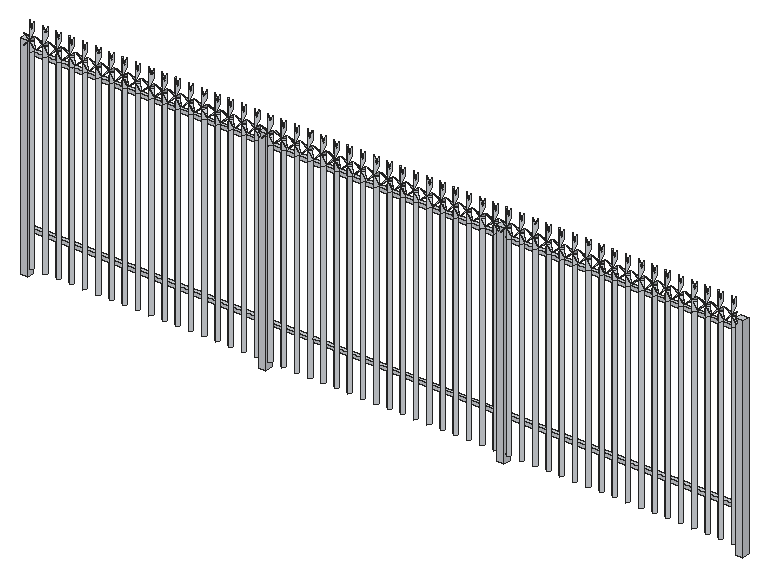
Revit family "Забор Теган-2700х2500", category Ограждение, Revit 2017
Family settings
  Номер OmniClass = 23.25.30.11.14.11
  Заголовок OmniClass = Columns
  Всегда вертикально = Да
  При загрузке вырезать с полостями = Нет
  Общий = Нет
Parameters (values of type "2700x2500")
  Производитель = "ООО \"Теган\""
  Левый_столб [instance] = yes
  Количество_секций [instance] = 3
  Глубина = 80 mm
  Ширина = 80 mm
Reference planes
  plane 1 "По центру (Вперед/Назад)": y = 0
  plane 2: z = 0
  plane 3 "По центру (Влево/Вправо)": x = 0
  plane 4 "Слева": x = -40
  plane 5 "Справа": x = 40
  plane 6 "Назад": y = 40
  plane 7 "Спереди": y = -40
Forms (mm)
  Extrusion 1, solid, visible <- "Левый_столб"
    sketch origin (0, 0, 0) x (1, 0, 0) y (0, 1, 0)
      loop
        line (-40, -40) -> (40, -40) -> (40, 40) -> (-40, 40) -> (-40, -40)
    from 0 to 2400
Dimensions and locks
  equal spacing: plane 4 "Слева", plane 3 "По центру (Влево/Вправо)", plane 5 "Справа"
  equal spacing: plane 7 "Спереди", plane 1 "По центру (Вперед/Назад)", plane 6 "Назад"
  "Ширина": plane 4 "Слева" to plane 5 "Справа"
  "Глубина": plane 7 "Спереди" to plane 6 "Назад"
  equal spacing: group 1, group 2, group 3  (x3)
  aligned and locked: level to plane 2
  aligned and locked: plane 7 "Спереди" to Extrusion 1 sketch curve
Automatic sketch dimensions
  Extrusion 1 sketch curve to plane 4 "Слева" = 0 mm
  Extrusion 1 sketch curve to plane 5 "Справа" = 0 mm
  plane 6 "Назад" to Extrusion 1 sketch curve = 0 mm
Nested families
  nested 1: "Секция Теган-2700х2500" at (0, 0, 0), type "2700x2500"
    with Правый_столб yes, Левый_столб no
  nested 2: "Секция Теган-2700х2500" at (2700, 0, 0), type "2700x2500"
    with Правый_столб yes, Левый_столб no
  nested 3: "Секция Теган-2700х2500" at (5400, 0, 0), type "2700x2500"
    with Правый_столб yes, Левый_столб no
Definition of nested family "Секция Теган-2700х2500"
  Parameters (values of type "2700x2500")
    Правый_столб [instance] = yes
    Отметка_перекладины = Длина_стоек - 200 mm  # 2300 mm
    Левый_столб [instance] = no
    Количество_стоек = (Длина секции - 75 mm) / 150 mm  # 18
    Зазор = 100 mm
    Длина секции = 2700 mm
    Длина поперечины = 2 * 40 mm - Длина секции  # -2620 mm
    Глубина = 80 mm
    Ширина = 80 mm
    Длина_стоек = 2500 mm
    Высота_столба = Длина_стоек - 100 mm  # 2400 mm
    Высота_забора = Длина_стоек + 100 mm  # 2600 mm
  Types (2, lengths in mm): name | Отметка_перекладины | Длина_стоек | Высота_столба | Высота_забора
    2700x2000 | 1800 | 2000 | 1900 | 2100
    2700x2500 | 2300 | 2500 | 2400 | 2600
  Reference planes
    plane 1 "По центру (Вперед/Назад)": y = 0
    plane 2: z = 0
    plane 3 "По центру (Влево/Вправо)": x = 0
    plane 4 "Слева": x = -40
    plane 5 "Справа": x = 40
    plane 6 "Назад": y = 40
    plane 7 "Спереди": y = -40
    plane 8: x = 2700
    plane 9 "Поперечина нижняя": z = 500
    plane 10: z = 2300
    plane 11: x = 75
    plane 12: z = 100
  Forms (mm)
    Extrusion 1, solid, visible <- "Левый_столб"
      sketch origin (0, 0, 0) x (1, 0, 0) y (0, 1, 0)
        loop
          line (-40, -40) -> (40, -40) -> (40, 40) -> (-40, 40) -> (-40, -40)
      from 0 to 2400 <- "Высота_столба"
    Extrusion 2, solid
      sketch origin (40, 0, 0) x (0, -1, 0) y (0, 0, 1)
        loop
          line (-20, 500) -> (-20, 497.5) -> (17.5, 497.5) -> (17.5, 460) -> (20, 460) -> (20, 500) -> (-20, 500)
      from 0 to -2620 <- "Длина поперечины"
    Extrusion 3, solid
      sketch origin (40, 0, 800) x (0, -1, 0) y (0, 0, 1)
        loop
          line (-20, 1500) -> (-20, 1497.5) -> (17.5, 1497.5) -> (17.5, 1460) -> (20, 1460) -> (20, 1500) -> (-20, 1500)
      from 0 to -2620 <- "Длина поперечины"
  Dimensions and locks
    equal spacing: plane 4 "Слева", plane 3 "По центру (Влево/Вправо)", plane 5 "Справа"
    equal spacing: plane 7 "Спереди", plane 1 "По центру (Вперед/Назад)", plane 6 "Назад"
    "Ширина": plane 4 "Слева" to plane 5 "Справа"
    "Глубина": plane 7 "Спереди" to plane 6 "Назад"
    "Длина секции": plane 8 to plane 3 "По центру (Влево/Вправо)"
    plane 2 to plane 9 "Поперечина нижняя" = 500 mm
    "Отметка_перекладины": plane 10 to level
    "Зазор": plane 12 to level
    aligned and locked: level to plane 2
    aligned and locked: plane 7 "Спереди" to Extrusion 1 sketch curve
    aligned and locked: plane 8 to nested 1
  Automatic sketch dimensions
    Extrusion 1 sketch curve to plane 4 "Слева" = 0 mm
    Extrusion 1 sketch curve to plane 5 "Справа" = 0 mm
    plane 6 "Назад" to Extrusion 1 sketch curve = 0 mm
    Extrusion 2 sketch curve to plane 9 "Поперечина нижняя" = 0 mm
    Extrusion 2 sketch curve to plane 1 "По центру (Вперед/Назад)" = 20 mm
    plane 1 "По центру (Вперед/Назад)" to Extrusion 2 sketch curve = 17.5 mm
    Extrusion 2 sketch curve to Extrusion 2 sketch curve = 2.5 mm
    Extrusion 2 sketch curve to plane 9 "Поперечина нижняя" = 2.5 mm
    Extrusion 2 sketch curve to Extrusion 2 sketch curve = 37.5 mm
    Extrusion 3 sketch curve to plane 10 = 0 mm
    plane 1 "По центру (Вперед/Назад)" to Extrusion 3 sketch curve = 17.5 mm
    Extrusion 3 sketch curve to Extrusion 3 sketch curve = 2.5 mm
    Extrusion 3 sketch curve to Extrusion 3 sketch curve = 37.5 mm
    Extrusion 3 sketch curve to plane 10 = 2.5 mm
    Extrusion 3 sketch curve to plane 1 "По центру (Вперед/Назад)" = 20 mm
  Nested families
    nested 1: "Стойка забора" at (2700, 0, 0), visible <- "Правый_столб", type "Столб забора"
      with Высота_стоек 2400 mm
    nested 2: "Стойка вертикальная" at (75, -20, 0), type "2,5 м"
    nested 3: "Стойка вертикальная" at (225, -20, 0), type "2,5 м"
    nested 4: "Стойка вертикальная" at (375, -20, 0), type "2,5 м"
    nested 5: "Стойка вертикальная" at (525, -20, 0), type "2,5 м"
    nested 6: "Стойка вертикальная" at (675, -20, 0), type "2,5 м"
    nested 7: "Стойка вертикальная" at (825, -20, 0), type "2,5 м"
    nested 8: "Стойка вертикальная" at (975, -20, 0), type "2,5 м"
    nested 9: "Стойка вертикальная" at (1125, -20, 0), type "2,5 м"
    nested 10: "Стойка вертикальная" at (1275, -20, 0), type "2,5 м"
    nested 11: "Стойка вертикальная" at (1425, -20, 0), type "2,5 м"
    nested 12: "Стойка вертикальная" at (1575, -20, 0), type "2,5 м"
    nested 13: "Стойка вертикальная" at (1725, -20, 0), type "2,5 м"
    nested 14: "Стойка вертикальная" at (1875, -20, 0), type "2,5 м"
    nested 15: "Стойка вертикальная" at (2025, -20, 0), type "2,5 м"
    nested 16: "Стойка вертикальная" at (2175, -20, 0), type "2,5 м"
    nested 17: "Стойка вертикальная" at (2325, -20, 0), type "2,5 м"
    nested 18: "Стойка вертикальная" at (2475, -20, 0), type "2,5 м"
    nested 19: "Стойка вертикальная" at (2625, -20, 0), type "2,5 м"
  Definition of nested family "Стойка забора"
    Parameters (values of type "Стойка забора")
      Глубина = 80 mm
      Ширина = 80 mm
      Высота_стоек = 1800 mm
    Reference planes
      plane 1 "По центру (Вперед/Назад)": y = 0
      plane 2: z = 0
      plane 3 "По центру (Влево/Вправо)": x = 0
      plane 4 "Слева": x = -40
      plane 5 "Справа": x = 40
      plane 6 "Назад": y = 40
      plane 7 "Спереди": y = -40
    Forms (mm)
      Extrusion 1, solid
        sketch origin (0, 0, 0) x (1, 0, 0) y (0, 1, 0)
          loop
            line (-40, -40) -> (40, -40) -> (40, 40) -> (-40, 40) -> (-40, -40)
        from 0 to 1800 <- "Высота_стоек"
    Dimensions and locks
      equal spacing: plane 4 "Слева", plane 3 "По центру (Влево/Вправо)", plane 5 "Справа"
      equal spacing: plane 7 "Спереди", plane 1 "По центру (Вперед/Назад)", plane 6 "Назад"
      "Ширина": plane 4 "Слева" to plane 5 "Справа"
      "Глубина": plane 7 "Спереди" to plane 6 "Назад"
      aligned and locked: level to plane 2
      aligned and locked: plane 7 "Спереди" to Extrusion 1 sketch curve
    Automatic sketch dimensions
      Extrusion 1 sketch curve to plane 4 "Слева" = 0 mm
      plane 5 "Справа" to Extrusion 1 sketch curve = 0 mm
      plane 6 "Назад" to Extrusion 1 sketch curve = 0 mm
  Definition of nested family "Стойка вертикальная"
    Parameters (values of type "2,5 м")
      Длина- = Длина стойки вертикальной - 300 mm  # 2300 mm
      Длина стойки вертикальной = 2600 mm
    Types (5, lengths in mm): name | Длина- | Длина стойки вертикальной
      2,0 м | 1800 | 2100
      2,5 м | 2300 | 2600
      3,0 м | 2800 | 3100
      0,67 м | 470 | 770
      Стойка вертикальная | 1800 | 2100
    Reference planes
      plane 1 "По центру (Вперед/Назад)": y = 0
      plane 2: z = 0
      plane 3 "По центру (Влево/Вправо)": x = 0
      plane 4: z = 2300
    Forms (mm)
      Extrusion 1, solid
        sketch origin (-73.001, 0, 0) x (1, 0, 0) y (0, 1, 0)
          loop
            line (73.001, -25.456) -> (47.545, 0) -> (46.131, -1.414) -> (73.001, -28.284) -> (99.871, -1.414) -> (98.457, 0) -> (73.001, -25.456)
        from 0 to 2300 <- "Длина-"
      Extrusion 2, solid, not visible
        sketch origin (1.999, 0, 0) x (1, 0, 0) y (0, 1, 0)
          loop
            line (73.001, -25.456) -> (47.545, 0) -> (46.131, -1.414) -> (73.001, -28.284) -> (73.001, -25.456)
        from 630 to 930
      Extrusion 3, void, not visible
        sketch origin (48.13, -1.414, 0) x (0.707107, -0.707107, 0) y (0, 0, 1)
          loop
            line (36, 755) -> (-4, 840.78) -> (-4, 755) -> (36, 755)
          loop
            line (0, 930) -> (18, 862.823) -> (36, 930) -> (0, 930)
          loop
            line (36, 739.666) -> (-4, 739.666) -> (-4, 653.886) -> (36, 739.666)
        from -4.106 to 6.753
      Extrusion 4, solid, not visible
        sketch origin (49.544, 0, 25) x (-0.707107, -0.707107, 0) y (0, 0, 1)
          loop
            line (0, 730) -> (1.385, 728.615) -> (54.418, 781.648) -> (53.033, 783.033) -> (0, 730)
        from -36 to 0
      Extrusion 5, void, not visible
        sketch origin (49.544, 0, 755) x (-0.5, -0.5, 0.707107) y (0.707107, -0.707107, 0)
          loop
            line (75, 0) -> (76.432, 43.261) -> (0, 36) -> (75, 0)
        from -6.189 to 1.489
      Extrusion 6, solid, not visible
        sketch origin (49.544, 0, 1469.666) x (-0.707107, -0.707107, 0) y (0, 0, 1)
          loop
            line (0, -730) -> (53.033, -783.033) -> (54.418, -781.648) -> (1.385, -728.615) -> (0, -730)
        from -36 to 0
      Extrusion 7, void, not visible
        sketch origin (49.544, 0, 739.666) x (-0.5, -0.5, -0.707107) y (-0.707107, 0.707107, 0)
          loop
            line (75, 0) -> (0, -36) -> (76.432, -43.261) -> (75, 0)
        from -6.189 to 1.489
      Extrusion 8, solid, not visible
        sketch origin (148.001, 0, 0) x (-1, 0, 0) y (0, -1, 0)
          loop
            line (73.001, 25.456) -> (73.001, 28.284) -> (46.131, 1.414) -> (47.545, 0) -> (73.001, 25.456)
        from 630 to 930
      Extrusion 9, void, not visible
        sketch origin (101.87, -1.414, 0) x (-0.707107, -0.707107, 0) y (0, 0, -1)
          loop
            line (0, -930) -> (36, -930) -> (18, -862.823) -> (0, -930)
          loop
            line (36, -755) -> (-4, -755) -> (-4, -840.78) -> (36, -755)
          loop
            line (0, -664.464) -> (0, -739.666) -> (35.067, -739.666) -> (0, -664.464)
        from -2 to 0
      Extrusion 10, solid, not visible
        sketch origin (100.456, 0, 25) x (0.707107, -0.707107, 0) y (0, 0, -1)
          loop
            line (0, -730) -> (53.033, -783.033) -> (54.418, -781.648) -> (1.385, -728.615) -> (0, -730)
        from -36 to 0
      Extrusion 11, void, not visible
        sketch origin (100.456, 0, 755) x (0.5, -0.5, 0.707107) y (0.707107, 0.707107, 0)
          loop
            line (75, 0) -> (0, -36) -> (76.432, -43.261) -> (75, 0)
        from -6.189 to 1.489
      Extrusion 12, solid, not visible
        sketch origin (100.456, 0, 1469.666) x (0.707107, -0.707107, 0) y (0, 0, -1)
          loop
            line (0, 730) -> (1.385, 728.615) -> (54.418, 781.648) -> (53.033, 783.033) -> (0, 730)
        from -36 to 0
      Extrusion 13, void, not visible
        sketch origin (100.456, 0, 739.666) x (0.5, -0.5, -0.707107) y (-0.707107, -0.707107, 0)
          loop
            line (75, 0) -> (76.432, 43.261) -> (0, 36) -> (75, 0)
        from -6.189 to 1.489
      Extrusion 14, solid
        sketch origin (26.87, -1.414, 1670) x (-0.707107, -0.707107, 0) y (0, 0, -1)
          loop
            line (36, -930) -> (38, -930) -> (38, -630) -> (0, -630) -> (0, -664.464) -> (35.067, -739.666) -> (0, -739.666) -> (0, -755) -> (36, -755) -> (0, -832.202) -> (0, -930) -> (18, -862.823) -> (36, -930)
        from -2 to 0
      Extrusion 15, void
        sketch origin (26.87, -1.414, 2600) x (0.707107, -0.707107, 0) y (-0.707107, -0.707107, 0)
          loop
            line (0, 38) -> (-2, 38) -> (-2, 36) -> (0, 38)
        from 0 to 300
      Extrusion 16, solid
        sketch origin (25.456, 0, 2425) x (0.5, -0.5, 0.707107) y (0.707107, 0.707107, 0)
          loop
            line (75, 0) -> (0, 0) -> (0, -36) -> (75, 0)
        from -1.959 to 0
      Extrusion 17, solid
        sketch origin (25.456, 0, 2409.666) x (0.5, -0.5, -0.707107) y (-0.707107, -0.707107, 0)
          loop
            line (75, 0) -> (0, 36) -> (0, 0) -> (75, 0)
        from -1.959 to 0
      Extrusion 18, solid
        sketch origin (-26.87, -1.414, 1670) x (0.707107, -0.707107, 0) y (0, 0, 1)
          loop
            line (36, 930) -> (18, 862.823) -> (0, 930) -> (0, 832.202) -> (36, 755) -> (0, 755) -> (0, 739.666) -> (35.067, 739.666) -> (0, 664.464) -> (0, 630) -> (38, 630) -> (38, 930) -> (36, 930)
        from -2 to 0
      Extrusion 19, solid
        sketch origin (-25.456, 0, 2425) x (-0.5, -0.5, 0.707107) y (0.707107, -0.707107, 0)
          loop
            line (75, 0) -> (0, 36) -> (0, 0) -> (75, 0)
        from -1.959 to 0
      Extrusion 20, solid
        sketch origin (-25.456, 0, 2409.666) x (-0.5, -0.5, -0.707107) y (-0.707107, 0.707107, 0)
          loop
            line (75, 0) -> (0, 0) -> (0, -36) -> (75, 0)
        from -1.959 to 0
      Extrusion 21, solid, not visible
        sketch origin (101.87, -1.414, 0) x (-0.707107, -0.707107, 0) y (0, 0, -1)
          loop
            line (36, -930) -> (38, -930) -> (38, -630) -> (0, -630) -> (0, -664.464) -> (35.067, -739.666) -> (0, -739.666) -> (0, -755) -> (36, -755) -> (0, -832.202) -> (0, -930) -> (18, -862.823) -> (36, -930)
        from -2 to 0
      Extrusion 22, void, not visible
        sketch origin (101.87, -1.414, 930) x (0.707107, -0.707107, 0) y (-0.707107, -0.707107, 0)
          loop
            line (0, 38) -> (-2, 38) -> (-2, 36) -> (0, 38)
        from 0 to 300
      Extrusion 23, solid, not visible
        sketch origin (100.456, 0, 755) x (0.5, -0.5, 0.707107) y (0.707107, 0.707107, 0)
          loop
            line (75, 0) -> (0, 0) -> (0, -36) -> (75, 0)
        from -1.959 to 0
      Extrusion 24, solid, not visible
        sketch origin (100.456, 0, 739.666) x (0.5, -0.5, -0.707107) y (-0.707107, -0.707107, 0)
          loop
            line (75, 0) -> (0, 36) -> (0, 0) -> (75, 0)
        from -1.959 to 0
      Extrusion 25, solid, not visible
        sketch origin (48.13, -1.414, 0) x (0.707107, -0.707107, 0) y (0, 0, 1)
          loop
            line (36, 930) -> (18, 862.823) -> (0, 930) -> (0, 832.202) -> (36, 755) -> (0, 755) -> (0, 739.666) -> (35.067, 739.666) -> (0, 664.464) -> (0, 630) -> (38, 630) -> (38, 930) -> (36, 930)
        from -2 to 0
      Extrusion 26, solid, not visible
        sketch origin (49.544, 0, 755) x (-0.5, -0.5, 0.707107) y (0.707107, -0.707107, 0)
          loop
            line (75, 0) -> (0, 36) -> (0, 0) -> (75, 0)
        from -1.959 to 0
      Extrusion 27, solid, not visible
        sketch origin (49.544, 0, 739.666) x (-0.5, -0.5, -0.707107) y (-0.707107, 0.707107, 0)
          loop
            line (75, 0) -> (0, 0) -> (0, -36) -> (75, 0)
        from -1.959 to 0
    Cuts and joins
      Extrusion 15 cuts Extrusion 14
    Dimensions and locks
      "Длина-": plane 4 to plane 2
      aligned and locked: Extrusion 1 to level
      aligned and locked: Extrusion 14 to Extrusion 15
      aligned and locked: Extrusion 21 to Extrusion 22
      aligned and locked: plane 4 to Extrusion 18
    Automatic sketch dimensions
      plane 1 "По центру (Вперед/Назад)" to Extrusion 1 sketch curve = 0 mm  (x2)
      Extrusion 1 sketch curve to plane 3 "По центру (Влево/Вправо)" = 0 mm  (x2)
      Extrusion 1 sketch curve to plane 3 "По центру (Влево/Вправо)" = 25.456 mm
      plane 1 "По центру (Вперед/Назад)" to Extrusion 1 sketch curve = 1.414 mm
      Extrusion 1 sketch curve to Extrusion 1 sketch curve = 1.414 mm
